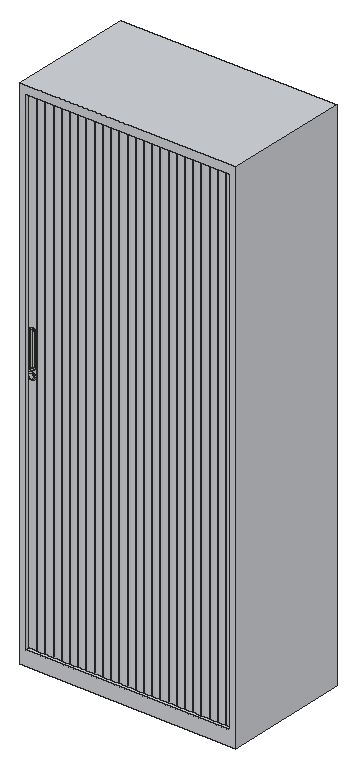
Revit family "BISLEY_SystemFile_Tambours_Single", category Furniture, Revit 2018
Family settings
  OmniClass Number = 23.40.20.00
  OmniClass Title = General Furniture and Specialties
  Work Plane-Based = No
  Always vertical = Yes
  Cut with Voids When Loaded = No
  Shared = No
  Room Calculation Point = No
Parameters (values of type "SYT08/6")
  plinth start height = -35 mm
  Width = 800 mm
  Warranty = "10 years"  # constant formula
  Uniclass2015Version = "V1.1"  # constant formula
  Uniclass2015Title = "Shelves and Storage Units"  # constant formula
  Uniclass 2015 Code = "PR_40_30_57"  # constant formula
  URL = "www.bisley.com"
  Training Requirements for Operational Use = "N/A"  # constant formula
  Tambour array = 24
  Routine Maintenance = "We recommend you clean your unit with warm water and a mild detergent solution. A damp cloth can be used to remove dust particles."  # constant formula
  Range = "SystemFile"  # constant formula
  Product Information = "Furniture"  # constant formula
  Plinth height = 55 mm
  Model Reference = "SYT08/6"
  Material = "Steel"  # constant formula
  Manufacturer = "Bisley"  # constant formula
  Lock bar height = Doors height + plinth start height  # 1808 mm
  Height = 1947 mm
  Finish = "Powder Coated"  # constant formula
  Doors height = Height - Plinth height - 13 mm - 30 mm - 3 mm - 3 mm  # 1843 mm
  Description = "Single Tambour"  # constant formula
  Depth = 470 mm
  Compliance Standards Certification = "BS EN 14073 2004 Part 2 & 3, BS EN 14074, BS 4875 1998 Part 7 level 4 & Part 8, BS 476 Part 7 1987 Class 2Y"  # constant formula
  Category = "Tambour Unit"  # constant formula
  Author = "Bisley"  # constant formula
  Accessibility Performance = ""
Types (9, lengths in mm): name | URL | Model Reference | Lock bar height | Height | Doors height
  (no name) | "www.bisley.com" | "SYT08/6" | 1808 | 1947 | 1843
  SYT08/2 | "www.bisley.com" | "SYT08/2" | 554 | 693 | 589
  SYT08/3 | "www.bisley.com" | "SYT08/3" | 858 | 997 | 893
  SYT08/34 | "www.bisley.com" | "SYT08/34" | 1010 | 1149 | 1045
  SYT08/4 | "www.bisley.com" | "SYT08/4" | 1162 | 1301 | 1197
  SYT08/43 | "www.bisley.com" | "SYT08/43" | 1276 | 1415 | 1311
  SYT08/50 | "www.bisley.com" | "SYT08/50" | 1504 | 1643 | 1539
  SYT08/54 | "www.bisely.com" | "SYT08/54" | 1656 | 1795 | 1691
  SYT08/6 | "www.bisley.com" | "SYT08/6" | 1808 | 1947 | 1843
Reference planes
  plane 1 "Center (Front/Back)": y = 0
  plane 2: z = 7
  plane 3 "Center (Left/Right)": x = 0
  plane 4: x = -400
  plane 5: x = 400
  plane 6: y = 235
  plane 7: y = -235
  plane 8: z = 1954
  plane 9: z = 20
  plane 10: z = 75
  plane 11: x = -380
  plane 12: x = 380
  plane 13: y = 230
  plane 14: x = 477
  plane 15: y = -215
  plane 16: z = 53
  plane 17: x = -477
  plane 18: x = 315
  plane 19: x = -315
  plane 20: y = -190
  plane 21: y = 190
  plane 22: z = 974
  plane 23: z = 987
  plane 24: z = 987
Forms (mm)
  Extrusion 1, solid
    sketch origin (0, 0, 7) x (1, 0, 0) y (0, 1, 0)
      loop
        line (-400, 235) -> (-400, -235) -> (400, -235) -> (400, 235) -> (-400, 235)
    from 13 to 1947
  Extrusion 2, void
    sketch origin (0, 0, 0) x (1, 0, 0) y (0, 0, 1)
      loop
        line (-380, 1924) -> (-380, 75) -> (380, 75) -> (380, 1924) -> (-380, 1924)
    from -230 to 235
  Extrusion 3, solid, not visible
    sketch origin (-14, 0, -11.486) x (0, 0, -1) y (0, -1, 0)
      loop
        line (-375, 215) -> (-73.486, 215) -> (-73.486, 235) -> (-323.022, 235) -> (-358, 216.402) -> (-373.358, 216.402) -> (-373.358, 233.251) -> (-358, 233.251) -> (-358, 235) -> (-375, 235) -> (-375, 215)
    from -391 to 363
  Extrusion 4, solid
    sketch origin (0, 0, 7) x (1, 0, 0) y (0, 1, 0)
      loop
        circle (315, 190) r 25
      loop
        circle (315, -190) r 25
      loop
        circle (-315, -190) r 25
      loop
        circle (-315, 190) r 25
    from 0 to 9
  Extrusion 5, solid
    sketch origin (0, 0, 7) x (1, 0, 0) y (0, 1, 0)
      loop
        circle (-315, 190) r 10
      loop
        circle (315, 190) r 10
      loop
        circle (315, -190) r 10
      loop
        circle (-315, -190) r 10
    from 9 to 13
  Extrusion 6, solid
    sketch origin (-114.611, -136.508, 113) x (1, 0, 0) y (0, 1, 0)
      loop
        line (-264.891, -77.42) -> (-264.891, -88.413)
        arc (-264.891, -88.413) -> (-247.106, -88.948) -> (-229.322, -88.413) r 295.901
        line (-229.322, -88.413) -> (-229.322, -77.42) -> (-264.891, -77.42)
    from -35 <- "plinth start height" to 1808 <- "Lock bar height"
  Extrusion 7, solid
    sketch origin (-6.723, -4.837, 78) x (1, 0, 0) y (0, 1, 0)
      loop
        line (-307.442, -220.343) -> (-306.502, -218.714) -> (-313.555, -214.133) -> (-334.916, -214.133) -> (-335.853, -217.63) -> (-337.087, -219.737)
        arc (-337.087, -219.737) -> (-337.103, -220.129) -> (-336.786, -220.36) r 0.417
        arc (-336.786, -220.36) -> (-322.113, -221.403) -> (-307.442, -220.343) r 102.932
    from 0 to 1843 <- "Doors height"
  Extrusion 8, solid
    sketch origin (23.779, -4.837, 78) x (1, 0, 0) y (0, 1, 0)
      loop
        line (-307.442, -220.343) -> (-306.502, -218.714) -> (-313.555, -214.133) -> (-334.916, -214.133) -> (-335.853, -217.63) -> (-337.087, -219.737)
        arc (-337.087, -219.737) -> (-337.103, -220.129) -> (-336.786, -220.36) r 0.417
        arc (-336.786, -220.36) -> (-322.113, -221.403) -> (-307.442, -220.343) r 102.932
    from 0 to 1843 <- "Doors height"
  Extrusion 9, solid
    sketch origin (54.28, -4.837, 78) x (1, 0, 0) y (0, 1, 0)
      loop
        line (-307.442, -220.343) -> (-306.502, -218.714) -> (-313.555, -214.133) -> (-334.916, -214.133) -> (-335.853, -217.63) -> (-337.087, -219.737)
        arc (-337.087, -219.737) -> (-337.103, -220.129) -> (-336.786, -220.36) r 0.417
        arc (-336.786, -220.36) -> (-322.113, -221.403) -> (-307.442, -220.343) r 102.932
    from 0 to 1843 <- "Doors height"
  Extrusion 10, solid
    sketch origin (84.782, -4.837, 78) x (1, 0, 0) y (0, 1, 0)
      loop
        line (-307.442, -220.343) -> (-306.502, -218.714) -> (-313.555, -214.133) -> (-334.916, -214.133) -> (-335.853, -217.63) -> (-337.087, -219.737)
        arc (-337.087, -219.737) -> (-337.103, -220.129) -> (-336.786, -220.36) r 0.417
        arc (-336.786, -220.36) -> (-322.113, -221.403) -> (-307.442, -220.343) r 102.932
    from 0 to 1843 <- "Doors height"
  Extrusion 11, solid
    sketch origin (115.284, -4.837, 78) x (1, 0, 0) y (0, 1, 0)
      loop
        line (-307.442, -220.343) -> (-306.502, -218.714) -> (-313.555, -214.133) -> (-334.916, -214.133) -> (-335.853, -217.63) -> (-337.087, -219.737)
        arc (-337.087, -219.737) -> (-337.103, -220.129) -> (-336.786, -220.36) r 0.417
        arc (-336.786, -220.36) -> (-322.113, -221.403) -> (-307.442, -220.343) r 102.932
    from 0 to 1843 <- "Doors height"
  Extrusion 12, solid
    sketch origin (145.786, -4.837, 78) x (1, 0, 0) y (0, 1, 0)
      loop
        line (-307.442, -220.343) -> (-306.502, -218.714) -> (-313.555, -214.133) -> (-334.916, -214.133) -> (-335.853, -217.63) -> (-337.087, -219.737)
        arc (-337.087, -219.737) -> (-337.103, -220.129) -> (-336.786, -220.36) r 0.417
        arc (-336.786, -220.36) -> (-322.113, -221.403) -> (-307.442, -220.343) r 102.932
    from 0 to 1843 <- "Doors height"
  Extrusion 13, solid
    sketch origin (176.287, -4.837, 78) x (1, 0, 0) y (0, 1, 0)
      loop
        line (-307.442, -220.343) -> (-306.502, -218.714) -> (-313.555, -214.133) -> (-334.916, -214.133) -> (-335.853, -217.63) -> (-337.087, -219.737)
        arc (-337.087, -219.737) -> (-337.103, -220.129) -> (-336.786, -220.36) r 0.417
        arc (-336.786, -220.36) -> (-322.113, -221.403) -> (-307.442, -220.343) r 102.932
    from 0 to 1843 <- "Doors height"
  Extrusion 14, solid
    sketch origin (206.789, -4.837, 78) x (1, 0, 0) y (0, 1, 0)
      loop
        line (-307.442, -220.343) -> (-306.502, -218.714) -> (-313.555, -214.133) -> (-334.916, -214.133) -> (-335.853, -217.63) -> (-337.087, -219.737)
        arc (-337.087, -219.737) -> (-337.103, -220.129) -> (-336.786, -220.36) r 0.417
        arc (-336.786, -220.36) -> (-322.113, -221.403) -> (-307.442, -220.343) r 102.932
    from 0 to 1843 <- "Doors height"
  Extrusion 15, solid
    sketch origin (237.291, -4.837, 78) x (1, 0, 0) y (0, 1, 0)
      loop
        line (-307.442, -220.343) -> (-306.502, -218.714) -> (-313.555, -214.133) -> (-334.916, -214.133) -> (-335.853, -217.63) -> (-337.087, -219.737)
        arc (-337.087, -219.737) -> (-337.103, -220.129) -> (-336.786, -220.36) r 0.417
        arc (-336.786, -220.36) -> (-322.113, -221.403) -> (-307.442, -220.343) r 102.932
    from 0 to 1843 <- "Doors height"
  Extrusion 16, solid
    sketch origin (267.792, -4.837, 78) x (1, 0, 0) y (0, 1, 0)
      loop
        line (-307.442, -220.343) -> (-306.502, -218.714) -> (-313.555, -214.133) -> (-334.916, -214.133) -> (-335.853, -217.63) -> (-337.087, -219.737)
        arc (-337.087, -219.737) -> (-337.103, -220.129) -> (-336.786, -220.36) r 0.417
        arc (-336.786, -220.36) -> (-322.113, -221.403) -> (-307.442, -220.343) r 102.932
    from 0 to 1843 <- "Doors height"
  Extrusion 17, solid
    sketch origin (298.294, -4.837, 78) x (1, 0, 0) y (0, 1, 0)
      loop
        line (-307.442, -220.343) -> (-306.502, -218.714) -> (-313.555, -214.133) -> (-334.916, -214.133) -> (-335.853, -217.63) -> (-337.087, -219.737)
        arc (-337.087, -219.737) -> (-337.103, -220.129) -> (-336.786, -220.36) r 0.417
        arc (-336.786, -220.36) -> (-322.113, -221.403) -> (-307.442, -220.343) r 102.932
    from 0 to 1843 <- "Doors height"
  Extrusion 18, solid
    sketch origin (328.796, -4.837, 78) x (1, 0, 0) y (0, 1, 0)
      loop
        line (-307.442, -220.343) -> (-306.502, -218.714) -> (-313.555, -214.133) -> (-334.916, -214.133) -> (-335.853, -217.63) -> (-337.087, -219.737)
        arc (-337.087, -219.737) -> (-337.103, -220.129) -> (-336.786, -220.36) r 0.417
        arc (-336.786, -220.36) -> (-322.113, -221.403) -> (-307.442, -220.343) r 102.932
    from 0 to 1843 <- "Doors height"
  Extrusion 19, solid
    sketch origin (359.297, -4.837, 78) x (1, 0, 0) y (0, 1, 0)
      loop
        line (-307.442, -220.343) -> (-306.502, -218.714) -> (-313.555, -214.133) -> (-334.916, -214.133) -> (-335.853, -217.63) -> (-337.087, -219.737)
        arc (-337.087, -219.737) -> (-337.103, -220.129) -> (-336.786, -220.36) r 0.417
        arc (-336.786, -220.36) -> (-322.113, -221.403) -> (-307.442, -220.343) r 102.932
    from 0 to 1843 <- "Doors height"
  Extrusion 20, solid
    sketch origin (389.799, -4.837, 78) x (1, 0, 0) y (0, 1, 0)
      loop
        line (-307.442, -220.343) -> (-306.502, -218.714) -> (-313.555, -214.133) -> (-334.916, -214.133) -> (-335.853, -217.63) -> (-337.087, -219.737)
        arc (-337.087, -219.737) -> (-337.103, -220.129) -> (-336.786, -220.36) r 0.417
        arc (-336.786, -220.36) -> (-322.113, -221.403) -> (-307.442, -220.343) r 102.932
    from 0 to 1843 <- "Doors height"
  Extrusion 21, solid
    sketch origin (420.301, -4.837, 78) x (1, 0, 0) y (0, 1, 0)
      loop
        line (-307.442, -220.343) -> (-306.502, -218.714) -> (-313.555, -214.133) -> (-334.916, -214.133) -> (-335.853, -217.63) -> (-337.087, -219.737)
        arc (-337.087, -219.737) -> (-337.103, -220.129) -> (-336.786, -220.36) r 0.417
        arc (-336.786, -220.36) -> (-322.113, -221.403) -> (-307.442, -220.343) r 102.932
    from 0 to 1843 <- "Doors height"
  Extrusion 22, solid
    sketch origin (450.803, -4.837, 78) x (1, 0, 0) y (0, 1, 0)
      loop
        line (-307.442, -220.343) -> (-306.502, -218.714) -> (-313.555, -214.133) -> (-334.916, -214.133) -> (-335.853, -217.63) -> (-337.087, -219.737)
        arc (-337.087, -219.737) -> (-337.103, -220.129) -> (-336.786, -220.36) r 0.417
        arc (-336.786, -220.36) -> (-322.113, -221.403) -> (-307.442, -220.343) r 102.932
    from 0 to 1843 <- "Doors height"
  Extrusion 23, solid
    sketch origin (481.304, -4.837, 78) x (1, 0, 0) y (0, 1, 0)
      loop
        line (-307.442, -220.343) -> (-306.502, -218.714) -> (-313.555, -214.133) -> (-334.916, -214.133) -> (-335.853, -217.63) -> (-337.087, -219.737)
        arc (-337.087, -219.737) -> (-337.103, -220.129) -> (-336.786, -220.36) r 0.417
        arc (-336.786, -220.36) -> (-322.113, -221.403) -> (-307.442, -220.343) r 102.932
    from 0 to 1843 <- "Doors height"
  Extrusion 24, solid
    sketch origin (511.806, -4.837, 78) x (1, 0, 0) y (0, 1, 0)
      loop
        line (-307.442, -220.343) -> (-306.502, -218.714) -> (-313.555, -214.133) -> (-334.916, -214.133) -> (-335.853, -217.63) -> (-337.087, -219.737)
        arc (-337.087, -219.737) -> (-337.103, -220.129) -> (-336.786, -220.36) r 0.417
        arc (-336.786, -220.36) -> (-322.113, -221.403) -> (-307.442, -220.343) r 102.932
    from 0 to 1843 <- "Doors height"
  Extrusion 25, solid
    sketch origin (542.308, -4.837, 78) x (1, 0, 0) y (0, 1, 0)
      loop
        line (-307.442, -220.343) -> (-306.502, -218.714) -> (-313.555, -214.133) -> (-334.916, -214.133) -> (-335.853, -217.63) -> (-337.087, -219.737)
        arc (-337.087, -219.737) -> (-337.103, -220.129) -> (-336.786, -220.36) r 0.417
        arc (-336.786, -220.36) -> (-322.113, -221.403) -> (-307.442, -220.343) r 102.932
    from 0 to 1843 <- "Doors height"
  Extrusion 26, solid
    sketch origin (572.809, -4.837, 78) x (1, 0, 0) y (0, 1, 0)
      loop
        line (-307.442, -220.343) -> (-306.502, -218.714) -> (-313.555, -214.133) -> (-334.916, -214.133) -> (-335.853, -217.63) -> (-337.087, -219.737)
        arc (-337.087, -219.737) -> (-337.103, -220.129) -> (-336.786, -220.36) r 0.417
        arc (-336.786, -220.36) -> (-322.113, -221.403) -> (-307.442, -220.343) r 102.932
    from 0 to 1843 <- "Doors height"
  Extrusion 27, solid
    sketch origin (603.311, -4.837, 78) x (1, 0, 0) y (0, 1, 0)
      loop
        line (-307.442, -220.343) -> (-306.502, -218.714) -> (-313.555, -214.133) -> (-334.916, -214.133) -> (-335.853, -217.63) -> (-337.087, -219.737)
        arc (-337.087, -219.737) -> (-337.103, -220.129) -> (-336.786, -220.36) r 0.417
        arc (-336.786, -220.36) -> (-322.113, -221.403) -> (-307.442, -220.343) r 102.932
    from 0 to 1843 <- "Doors height"
  Extrusion 28, solid
    sketch origin (633.813, -4.837, 78) x (1, 0, 0) y (0, 1, 0)
      loop
        line (-307.442, -220.343) -> (-306.502, -218.714) -> (-313.555, -214.133) -> (-334.916, -214.133) -> (-335.853, -217.63) -> (-337.087, -219.737)
        arc (-337.087, -219.737) -> (-337.103, -220.129) -> (-336.786, -220.36) r 0.417
        arc (-336.786, -220.36) -> (-322.113, -221.403) -> (-307.442, -220.343) r 102.932
    from 0 to 1843 <- "Doors height"
  Extrusion 29, solid
    sketch origin (664.315, -4.837, 78) x (1, 0, 0) y (0, 1, 0)
      loop
        line (-307.442, -220.343) -> (-306.502, -218.714) -> (-313.555, -214.133) -> (-334.916, -214.133) -> (-335.853, -217.63) -> (-337.087, -219.737)
        arc (-337.087, -219.737) -> (-337.103, -220.129) -> (-336.786, -220.36) r 0.417
        arc (-336.786, -220.36) -> (-322.113, -221.403) -> (-307.442, -220.343) r 102.932
    from 0 to 1843 <- "Doors height"
  Extrusion 30, solid
    sketch origin (694.816, -4.837, 78) x (1, 0, 0) y (0, 1, 0)
      loop
        line (-307.442, -220.343) -> (-306.502, -218.714) -> (-313.555, -214.133) -> (-334.916, -214.133) -> (-335.853, -217.63) -> (-337.087, -219.737)
        arc (-337.087, -219.737) -> (-337.103, -220.129) -> (-336.786, -220.36) r 0.417
        arc (-336.786, -220.36) -> (-322.113, -221.403) -> (-307.442, -220.343) r 102.932
    from 0 to 1843 <- "Doors height"
  Extrusion 31, solid
    sketch origin (-4.436, -214.76, 0) x (1, 0, 0) y (0, 0, 1)
      loop
        circle (-357.536, 987) r 12.707
    from 0 to 12.484
  Extrusion 32, solid
    sketch origin (-3.912, -214.76, -0.001) x (1, 0, 0) y (0, 0, 1)
      loop
        circle (-357.889, 987) r 8.648
    from 0 to 14.49
  Extrusion 33, void
    sketch origin (0, 0, 0) x (1, 0, 0) y (0, 0, 1)
      loop
        arc (-370.815, 1011.987) -> (-357.082, 1011.766) -> (-350.815, 1023.987) r 13
        line (-350.815, 1023.987) -> (-350.815, 1128.987)
        arc (-350.815, 1128.987) -> (-357.082, 1141.209) -> (-370.815, 1140.987) r 13
        line (-370.815, 1140.987) -> (-370.815, 1011.987)
    from 217.254 to 225.895
  Extrusion 34, solid
    sketch origin (0, 0, 0) x (1, 0, 0) y (0, 0, 1)
      loop
        line (-370.815, 1140.987) -> (-370.815, 1011.987)
        arc (-370.815, 1011.987) -> (-357.082, 1011.766) -> (-350.816, 1023.987) r 12.999
        line (-350.816, 1023.987) -> (-350.816, 1128.987)
        arc (-350.816, 1128.987) -> (-357.082, 1141.209) -> (-370.815, 1140.987) r 12.999
      loop
        line (-374.315, 1142.752) -> (-374.315, 1010.222)
        arc (-374.315, 1010.222) -> (-356.217, 1008.243) -> (-347.316, 1024.124) r 16.499
        line (-347.316, 1024.124) -> (-347.316, 1128.851)
        arc (-347.316, 1128.851) -> (-356.217, 1144.731) -> (-374.315, 1142.752) r 16.499
    from 224.585 to 226.585
Cuts and joins
  Extrusion 2 cuts Extrusion 1
  Extrusion 33 cuts Extrusion 6
Dimensions and locks
  equal spacing: plane 4, plane 3 "Center (Left/Right)", plane 5
  "Width": plane 4 to plane 5
  "Depth": plane 6 to plane 7
  plane 9 to level = 13 mm
  "Plinth height": plane 10 to plane 9
  locked: plane 11 to plane 4 at 20
  locked: plane 5 to plane 12 at 20
  "Height": plane 8 to level
  locked: plane 13 to plane 6 at 5
  plane 3 "Center (Left/Right)" to plane 14 = 477 mm
  locked: plane 15 to cut or joined group of Extrusion 1, Extrusion 2 at 20
  cut or joined group of Extrusion 1, Extrusion 2 to plane 19 = 85 mm
  plane 18 to cut or joined group of Extrusion 1, Extrusion 2 = 85 mm
  plane 20 to plane 7 = 45 mm
  plane 6 to plane 21 = 45 mm
  equal spacing: plane 14, plane 3 "Center (Left/Right)", plane 17
  plane 17 to cut or joined group of Extrusion 1, Extrusion 2 = 97 mm
  level to cut or joined group of Extrusion 1, Extrusion 2 = 13 mm
  locked: cut or joined group of Extrusion 1, Extrusion 2 to cut or joined group of Extrusion 1, Extrusion 2 at 30
  equal spacing: plane 8, plane 23, plane 9
  equal spacing: group 2, group 3, group 4, group 5, group 6, group 7, group 8, group 9, group 10, group 11, group 12, group 13, group 14, group 15, group 16, group 17, group 18, group 19, group 20, group 21, group 22, group 23, group 24, group 25  (x2)
  equal spacing: group 25, group 24, group 23, group 22, group 21, group 20, group 19, group 18, group 17, group 16, group 15, group 14, group 13, group 12, group 11, group 10, group 9, group 8, group 7, group 6, group 5, group 4, group 3, group 2
  equal spacing: plane 8, plane 24, plane 9
  locked: Extrusion 7 to cut or joined group of Extrusion 1, Extrusion 2 at 3
  locked: Extrusion 9 to cut or joined group of Extrusion 1, Extrusion 2 at 3
  locked: plane 7 to plane 1 "Center (Front/Back)" at 235
  aligned and locked: level to plane 2
  aligned and locked: Extrusion 1 sketch curve to plane 6
  aligned and locked: plane 4 to Extrusion 1 sketch curve
  aligned and locked: plane 7 to Extrusion 1 sketch curve
  aligned and locked: Extrusion 1 sketch curve to plane 5
  aligned and locked: Extrusion 1 to plane 9
  aligned and locked: plane 8 to Extrusion 1
  aligned and locked: plane 11 to Extrusion 2 sketch curve
  aligned and locked: Extrusion 2 sketch curve to plane 10
  aligned and locked: Extrusion 2 sketch curve to plane 12
  aligned and locked: Extrusion 2 to plane 7
  aligned and locked: Extrusion 2 to plane 13
Automatic sketch dimensions
  Extrusion 3 sketch curve to Extrusion 3 sketch curve = 1.642 mm
  Extrusion 3 sketch curve to Extrusion 3 sketch curve = 15.358 mm  (x2)
  Extrusion 3 sketch curve to Extrusion 3 sketch curve = 34.978 mm
  Extrusion 3 sketch curve to Extrusion 3 sketch curve = 249.536 mm
  Extrusion 3 sketch curve to Extrusion 3 sketch curve = 1.402 mm
  Extrusion 3 sketch curve to Extrusion 3 sketch curve = 16.849 mm
  Extrusion 3 sketch curve to Extrusion 3 sketch curve = 1.749 mm
  Extrusion 3 sketch curve to Extrusion 3 sketch curve = 0 mm
  Extrusion 4 sketch curve to plane 19 = 0 mm  (x2)
  Extrusion 4 sketch curve to plane 18 = 0 mm  (x2)
  Extrusion 4 sketch curve to plane 20 = 0 mm  (x2)
  Extrusion 4 sketch curve to plane 21 = 0 mm  (x2)
  Extrusion 5 sketch curve to plane 19 = 0 mm  (x2)
  Extrusion 5 sketch curve to plane 18 = 0 mm  (x2)
  Extrusion 5 sketch curve to plane 20 = 0 mm  (x2)
  Extrusion 5 sketch curve to plane 21 = 0 mm  (x2)
  Extrusion 2 sketch curve to plane 8 = 30 mm
  Extrusion 7 sketch curve to Extrusion 7 sketch curve = 0.36 mm
  Extrusion 7 sketch curve to Extrusion 7 sketch curve = 1.234 mm
  Extrusion 7 sketch curve to Extrusion 7 sketch curve = 0.937 mm
  Extrusion 7 sketch curve to Extrusion 7 sketch curve = 0.94 mm
  Extrusion 7 sketch curve to Extrusion 7 sketch curve = 0.211 mm
  Extrusion 7 sketch curve to Extrusion 7 sketch curve = 6.209 mm
  Extrusion 7 sketch curve to Extrusion 7 sketch curve = 1.629 mm
  Extrusion 7 sketch curve to Extrusion 7 sketch curve = 12.741 mm
  Extrusion 7 sketch curve to Extrusion 7 sketch curve = 21.361 mm
  Extrusion 7 sketch curve to Extrusion 7 sketch curve = 6.113 mm
  Extrusion 7 sketch curve to Extrusion 7 sketch curve = 5.814 mm
  Extrusion 7 sketch curve to Extrusion 7 sketch curve = 2.107 mm
  Extrusion 7 sketch curve to Extrusion 7 sketch curve = 95.662 mm
  Extrusion 8 sketch curve to Extrusion 8 sketch curve = 0.36 mm
  Extrusion 8 sketch curve to Extrusion 8 sketch curve = 1.234 mm
  Extrusion 8 sketch curve to Extrusion 8 sketch curve = 0.937 mm
  Extrusion 8 sketch curve to Extrusion 8 sketch curve = 0.94 mm
  Extrusion 8 sketch curve to Extrusion 8 sketch curve = 0.211 mm
  Extrusion 8 sketch curve to Extrusion 8 sketch curve = 6.209 mm
  Extrusion 8 sketch curve to Extrusion 8 sketch curve = 1.629 mm
  Extrusion 8 sketch curve to Extrusion 8 sketch curve = 12.741 mm
  Extrusion 8 sketch curve to Extrusion 8 sketch curve = 21.361 mm
  Extrusion 8 sketch curve to Extrusion 8 sketch curve = 6.113 mm
  Extrusion 8 sketch curve to Extrusion 8 sketch curve = 5.814 mm
  Extrusion 8 sketch curve to Extrusion 8 sketch curve = 2.107 mm
  Extrusion 8 sketch curve to Extrusion 8 sketch curve = 95.662 mm
  Extrusion 9 sketch curve to Extrusion 9 sketch curve = 0.36 mm
  Extrusion 9 sketch curve to Extrusion 9 sketch curve = 1.234 mm
  Extrusion 9 sketch curve to Extrusion 9 sketch curve = 0.937 mm
  Extrusion 9 sketch curve to Extrusion 9 sketch curve = 0.94 mm
  Extrusion 9 sketch curve to Extrusion 9 sketch curve = 0.211 mm
  Extrusion 9 sketch curve to Extrusion 9 sketch curve = 6.209 mm
  Extrusion 9 sketch curve to Extrusion 9 sketch curve = 1.629 mm
  Extrusion 9 sketch curve to Extrusion 9 sketch curve = 12.741 mm
  Extrusion 9 sketch curve to Extrusion 9 sketch curve = 21.361 mm
  Extrusion 9 sketch curve to Extrusion 9 sketch curve = 6.113 mm
  Extrusion 9 sketch curve to Extrusion 9 sketch curve = 5.814 mm
  Extrusion 9 sketch curve to Extrusion 9 sketch curve = 2.107 mm
  Extrusion 9 sketch curve to Extrusion 9 sketch curve = 95.662 mm
  Extrusion 10 sketch curve to Extrusion 10 sketch curve = 0.36 mm
  Extrusion 10 sketch curve to Extrusion 10 sketch curve = 1.234 mm
  Extrusion 10 sketch curve to Extrusion 10 sketch curve = 0.937 mm
  Extrusion 10 sketch curve to Extrusion 10 sketch curve = 0.94 mm
  Extrusion 10 sketch curve to Extrusion 10 sketch curve = 0.211 mm
  Extrusion 10 sketch curve to Extrusion 10 sketch curve = 6.209 mm
  Extrusion 10 sketch curve to Extrusion 10 sketch curve = 1.629 mm
  Extrusion 10 sketch curve to Extrusion 10 sketch curve = 12.741 mm
  Extrusion 10 sketch curve to Extrusion 10 sketch curve = 21.361 mm
  Extrusion 10 sketch curve to Extrusion 10 sketch curve = 6.113 mm
  Extrusion 10 sketch curve to Extrusion 10 sketch curve = 5.814 mm
  Extrusion 10 sketch curve to Extrusion 10 sketch curve = 2.107 mm
  Extrusion 10 sketch curve to Extrusion 10 sketch curve = 95.662 mm
  Extrusion 11 sketch curve to Extrusion 11 sketch curve = 0.36 mm
  Extrusion 11 sketch curve to Extrusion 11 sketch curve = 1.234 mm
  Extrusion 11 sketch curve to Extrusion 11 sketch curve = 0.937 mm
  Extrusion 11 sketch curve to Extrusion 11 sketch curve = 0.94 mm
  Extrusion 11 sketch curve to Extrusion 11 sketch curve = 0.211 mm
  Extrusion 11 sketch curve to Extrusion 11 sketch curve = 6.209 mm
  Extrusion 11 sketch curve to Extrusion 11 sketch curve = 1.629 mm
  Extrusion 11 sketch curve to Extrusion 11 sketch curve = 12.741 mm
  Extrusion 11 sketch curve to Extrusion 11 sketch curve = 21.361 mm
  Extrusion 11 sketch curve to Extrusion 11 sketch curve = 6.113 mm
  Extrusion 11 sketch curve to Extrusion 11 sketch curve = 5.814 mm
  Extrusion 11 sketch curve to Extrusion 11 sketch curve = 2.107 mm
  Extrusion 11 sketch curve to Extrusion 11 sketch curve = 95.662 mm
  Extrusion 12 sketch curve to Extrusion 12 sketch curve = 0.36 mm
  Extrusion 12 sketch curve to Extrusion 12 sketch curve = 1.234 mm
  Extrusion 12 sketch curve to Extrusion 12 sketch curve = 0.937 mm
  Extrusion 12 sketch curve to Extrusion 12 sketch curve = 0.94 mm
  Extrusion 12 sketch curve to Extrusion 12 sketch curve = 0.211 mm
  Extrusion 12 sketch curve to Extrusion 12 sketch curve = 6.209 mm
  Extrusion 12 sketch curve to Extrusion 12 sketch curve = 1.629 mm
  Extrusion 12 sketch curve to Extrusion 12 sketch curve = 12.741 mm
  Extrusion 12 sketch curve to Extrusion 12 sketch curve = 21.361 mm
  Extrusion 12 sketch curve to Extrusion 12 sketch curve = 6.113 mm
  Extrusion 12 sketch curve to Extrusion 12 sketch curve = 5.814 mm
  Extrusion 12 sketch curve to Extrusion 12 sketch curve = 2.107 mm
  Extrusion 12 sketch curve to Extrusion 12 sketch curve = 95.662 mm
  Extrusion 13 sketch curve to Extrusion 13 sketch curve = 0.36 mm
  Extrusion 13 sketch curve to Extrusion 13 sketch curve = 1.234 mm
  Extrusion 13 sketch curve to Extrusion 13 sketch curve = 0.937 mm
  Extrusion 13 sketch curve to Extrusion 13 sketch curve = 0.94 mm
  Extrusion 13 sketch curve to Extrusion 13 sketch curve = 0.211 mm
  Extrusion 13 sketch curve to Extrusion 13 sketch curve = 6.209 mm
  Extrusion 13 sketch curve to Extrusion 13 sketch curve = 1.629 mm
  Extrusion 13 sketch curve to Extrusion 13 sketch curve = 12.741 mm
  Extrusion 13 sketch curve to Extrusion 13 sketch curve = 21.361 mm
  Extrusion 13 sketch curve to Extrusion 13 sketch curve = 6.113 mm
  Extrusion 13 sketch curve to Extrusion 13 sketch curve = 5.814 mm
  Extrusion 13 sketch curve to Extrusion 13 sketch curve = 2.107 mm
  Extrusion 13 sketch curve to Extrusion 13 sketch curve = 95.662 mm
  Extrusion 14 sketch curve to Extrusion 14 sketch curve = 0.36 mm
  Extrusion 14 sketch curve to Extrusion 14 sketch curve = 1.234 mm
  Extrusion 14 sketch curve to Extrusion 14 sketch curve = 0.937 mm
  Extrusion 14 sketch curve to Extrusion 14 sketch curve = 0.94 mm
  Extrusion 14 sketch curve to Extrusion 14 sketch curve = 0.211 mm
  Extrusion 14 sketch curve to Extrusion 14 sketch curve = 6.209 mm
  Extrusion 14 sketch curve to Extrusion 14 sketch curve = 1.629 mm
  Extrusion 14 sketch curve to Extrusion 14 sketch curve = 12.741 mm
  Extrusion 14 sketch curve to Extrusion 14 sketch curve = 21.361 mm
  Extrusion 14 sketch curve to Extrusion 14 sketch curve = 6.113 mm
  Extrusion 14 sketch curve to Extrusion 14 sketch curve = 5.814 mm
  Extrusion 14 sketch curve to Extrusion 14 sketch curve = 2.107 mm
  Extrusion 14 sketch curve to Extrusion 14 sketch curve = 95.662 mm
  Extrusion 15 sketch curve to Extrusion 15 sketch curve = 0.36 mm
  Extrusion 15 sketch curve to Extrusion 15 sketch curve = 1.234 mm
  Extrusion 15 sketch curve to Extrusion 15 sketch curve = 0.937 mm
  Extrusion 15 sketch curve to Extrusion 15 sketch curve = 0.94 mm
  Extrusion 15 sketch curve to Extrusion 15 sketch curve = 0.211 mm
  Extrusion 15 sketch curve to Extrusion 15 sketch curve = 6.209 mm
  Extrusion 15 sketch curve to Extrusion 15 sketch curve = 1.629 mm
  Extrusion 15 sketch curve to Extrusion 15 sketch curve = 12.741 mm
  Extrusion 15 sketch curve to Extrusion 15 sketch curve = 21.361 mm
  Extrusion 15 sketch curve to Extrusion 15 sketch curve = 6.113 mm
  Extrusion 15 sketch curve to Extrusion 15 sketch curve = 5.814 mm
  Extrusion 15 sketch curve to Extrusion 15 sketch curve = 2.107 mm
  Extrusion 15 sketch curve to Extrusion 15 sketch curve = 95.662 mm
  Extrusion 16 sketch curve to Extrusion 16 sketch curve = 0.36 mm
  Extrusion 16 sketch curve to Extrusion 16 sketch curve = 1.234 mm
  Extrusion 16 sketch curve to Extrusion 16 sketch curve = 0.937 mm
  Extrusion 16 sketch curve to Extrusion 16 sketch curve = 0.94 mm
  Extrusion 16 sketch curve to Extrusion 16 sketch curve = 0.211 mm
  Extrusion 16 sketch curve to Extrusion 16 sketch curve = 6.209 mm
  Extrusion 16 sketch curve to Extrusion 16 sketch curve = 1.629 mm
  Extrusion 16 sketch curve to Extrusion 16 sketch curve = 12.741 mm
  Extrusion 16 sketch curve to Extrusion 16 sketch curve = 21.361 mm
  Extrusion 16 sketch curve to Extrusion 16 sketch curve = 6.113 mm
  Extrusion 16 sketch curve to Extrusion 16 sketch curve = 5.814 mm
  Extrusion 16 sketch curve to Extrusion 16 sketch curve = 2.107 mm
  Extrusion 16 sketch curve to Extrusion 16 sketch curve = 95.662 mm
  Extrusion 17 sketch curve to Extrusion 17 sketch curve = 0.36 mm
  Extrusion 17 sketch curve to Extrusion 17 sketch curve = 1.234 mm
  Extrusion 17 sketch curve to Extrusion 17 sketch curve = 0.937 mm
  Extrusion 17 sketch curve to Extrusion 17 sketch curve = 0.94 mm
  Extrusion 17 sketch curve to Extrusion 17 sketch curve = 0.211 mm
  Extrusion 17 sketch curve to Extrusion 17 sketch curve = 6.209 mm
  Extrusion 17 sketch curve to Extrusion 17 sketch curve = 1.629 mm
  Extrusion 17 sketch curve to Extrusion 17 sketch curve = 12.741 mm
  Extrusion 17 sketch curve to Extrusion 17 sketch curve = 21.361 mm
  Extrusion 17 sketch curve to Extrusion 17 sketch curve = 6.113 mm
  Extrusion 17 sketch curve to Extrusion 17 sketch curve = 5.814 mm
  Extrusion 17 sketch curve to Extrusion 17 sketch curve = 2.107 mm
  Extrusion 17 sketch curve to Extrusion 17 sketch curve = 95.662 mm
  Extrusion 18 sketch curve to Extrusion 18 sketch curve = 0.36 mm
  Extrusion 18 sketch curve to Extrusion 18 sketch curve = 1.234 mm
  Extrusion 18 sketch curve to Extrusion 18 sketch curve = 0.937 mm
  Extrusion 18 sketch curve to Extrusion 18 sketch curve = 0.94 mm
  Extrusion 18 sketch curve to Extrusion 18 sketch curve = 0.211 mm
  Extrusion 18 sketch curve to Extrusion 18 sketch curve = 6.209 mm
  Extrusion 18 sketch curve to Extrusion 18 sketch curve = 1.629 mm
  Extrusion 18 sketch curve to Extrusion 18 sketch curve = 12.741 mm
  Extrusion 18 sketch curve to Extrusion 18 sketch curve = 21.361 mm
  Extrusion 18 sketch curve to Extrusion 18 sketch curve = 6.113 mm
  Extrusion 18 sketch curve to Extrusion 18 sketch curve = 5.814 mm
  Extrusion 18 sketch curve to Extrusion 18 sketch curve = 2.107 mm
  Extrusion 18 sketch curve to Extrusion 18 sketch curve = 95.662 mm
  Extrusion 19 sketch curve to Extrusion 19 sketch curve = 0.36 mm
  Extrusion 19 sketch curve to Extrusion 19 sketch curve = 1.234 mm
  Extrusion 19 sketch curve to Extrusion 19 sketch curve = 0.937 mm
  Extrusion 19 sketch curve to Extrusion 19 sketch curve = 0.94 mm
  Extrusion 19 sketch curve to Extrusion 19 sketch curve = 0.211 mm
  Extrusion 19 sketch curve to Extrusion 19 sketch curve = 6.209 mm
  Extrusion 19 sketch curve to Extrusion 19 sketch curve = 1.629 mm
  Extrusion 19 sketch curve to Extrusion 19 sketch curve = 12.741 mm
  Extrusion 19 sketch curve to Extrusion 19 sketch curve = 21.361 mm
  Extrusion 19 sketch curve to Extrusion 19 sketch curve = 6.113 mm
  Extrusion 19 sketch curve to Extrusion 19 sketch curve = 5.814 mm
  Extrusion 19 sketch curve to Extrusion 19 sketch curve = 2.107 mm
  Extrusion 19 sketch curve to Extrusion 19 sketch curve = 95.662 mm
  Extrusion 20 sketch curve to Extrusion 20 sketch curve = 0.36 mm
  Extrusion 20 sketch curve to Extrusion 20 sketch curve = 1.234 mm
  Extrusion 20 sketch curve to Extrusion 20 sketch curve = 0.937 mm
  Extrusion 20 sketch curve to Extrusion 20 sketch curve = 0.94 mm
  Extrusion 20 sketch curve to Extrusion 20 sketch curve = 0.211 mm
  Extrusion 20 sketch curve to Extrusion 20 sketch curve = 6.209 mm
  Extrusion 20 sketch curve to Extrusion 20 sketch curve = 1.629 mm
  Extrusion 20 sketch curve to Extrusion 20 sketch curve = 12.741 mm
  Extrusion 20 sketch curve to Extrusion 20 sketch curve = 21.361 mm
  Extrusion 20 sketch curve to Extrusion 20 sketch curve = 6.113 mm
  Extrusion 20 sketch curve to Extrusion 20 sketch curve = 5.814 mm
  Extrusion 20 sketch curve to Extrusion 20 sketch curve = 2.107 mm
  Extrusion 20 sketch curve to Extrusion 20 sketch curve = 95.662 mm
  Extrusion 21 sketch curve to Extrusion 21 sketch curve = 0.36 mm
  Extrusion 21 sketch curve to Extrusion 21 sketch curve = 1.234 mm
  Extrusion 21 sketch curve to Extrusion 21 sketch curve = 0.937 mm
  Extrusion 21 sketch curve to Extrusion 21 sketch curve = 0.94 mm
  Extrusion 21 sketch curve to Extrusion 21 sketch curve = 0.211 mm
  Extrusion 21 sketch curve to Extrusion 21 sketch curve = 6.209 mm
  Extrusion 21 sketch curve to Extrusion 21 sketch curve = 1.629 mm
  Extrusion 21 sketch curve to Extrusion 21 sketch curve = 12.741 mm
  Extrusion 21 sketch curve to Extrusion 21 sketch curve = 21.361 mm
  Extrusion 21 sketch curve to Extrusion 21 sketch curve = 6.113 mm
  Extrusion 21 sketch curve to Extrusion 21 sketch curve = 5.814 mm
  Extrusion 21 sketch curve to Extrusion 21 sketch curve = 2.107 mm
  Extrusion 21 sketch curve to Extrusion 21 sketch curve = 95.662 mm
  Extrusion 22 sketch curve to Extrusion 22 sketch curve = 0.36 mm
  Extrusion 22 sketch curve to Extrusion 22 sketch curve = 1.234 mm
  Extrusion 22 sketch curve to Extrusion 22 sketch curve = 0.937 mm
  Extrusion 22 sketch curve to Extrusion 22 sketch curve = 0.94 mm
  Extrusion 22 sketch curve to Extrusion 22 sketch curve = 0.211 mm
  Extrusion 22 sketch curve to Extrusion 22 sketch curve = 6.209 mm
  Extrusion 22 sketch curve to Extrusion 22 sketch curve = 1.629 mm
  Extrusion 22 sketch curve to Extrusion 22 sketch curve = 12.741 mm
  Extrusion 22 sketch curve to Extrusion 22 sketch curve = 21.361 mm
  Extrusion 22 sketch curve to Extrusion 22 sketch curve = 6.113 mm
  Extrusion 22 sketch curve to Extrusion 22 sketch curve = 5.814 mm
  Extrusion 22 sketch curve to Extrusion 22 sketch curve = 2.107 mm
  Extrusion 22 sketch curve to Extrusion 22 sketch curve = 95.662 mm
  Extrusion 23 sketch curve to Extrusion 23 sketch curve = 0.36 mm
  Extrusion 23 sketch curve to Extrusion 23 sketch curve = 1.234 mm
  Extrusion 23 sketch curve to Extrusion 23 sketch curve = 0.937 mm
  Extrusion 23 sketch curve to Extrusion 23 sketch curve = 0.94 mm
  Extrusion 23 sketch curve to Extrusion 23 sketch curve = 0.211 mm
  Extrusion 23 sketch curve to Extrusion 23 sketch curve = 6.209 mm
  Extrusion 23 sketch curve to Extrusion 23 sketch curve = 1.629 mm
  Extrusion 23 sketch curve to Extrusion 23 sketch curve = 12.741 mm
  Extrusion 23 sketch curve to Extrusion 23 sketch curve = 21.361 mm
  Extrusion 23 sketch curve to Extrusion 23 sketch curve = 6.113 mm
  Extrusion 23 sketch curve to Extrusion 23 sketch curve = 5.814 mm
  Extrusion 23 sketch curve to Extrusion 23 sketch curve = 2.107 mm
  Extrusion 23 sketch curve to Extrusion 23 sketch curve = 95.662 mm
  Extrusion 24 sketch curve to Extrusion 24 sketch curve = 0.36 mm
  Extrusion 24 sketch curve to Extrusion 24 sketch curve = 1.234 mm
  Extrusion 24 sketch curve to Extrusion 24 sketch curve = 0.937 mm
  Extrusion 24 sketch curve to Extrusion 24 sketch curve = 0.94 mm
  Extrusion 24 sketch curve to Extrusion 24 sketch curve = 0.211 mm
  Extrusion 24 sketch curve to Extrusion 24 sketch curve = 6.209 mm
  Extrusion 24 sketch curve to Extrusion 24 sketch curve = 1.629 mm
  Extrusion 24 sketch curve to Extrusion 24 sketch curve = 12.741 mm
  Extrusion 24 sketch curve to Extrusion 24 sketch curve = 21.361 mm
  Extrusion 24 sketch curve to Extrusion 24 sketch curve = 6.113 mm
  Extrusion 24 sketch curve to Extrusion 24 sketch curve = 5.814 mm
  Extrusion 24 sketch curve to Extrusion 24 sketch curve = 2.107 mm
  Extrusion 24 sketch curve to Extrusion 24 sketch curve = 95.662 mm
  Extrusion 25 sketch curve to Extrusion 25 sketch curve = 0.36 mm
  Extrusion 25 sketch curve to Extrusion 25 sketch curve = 1.234 mm
  Extrusion 25 sketch curve to Extrusion 25 sketch curve = 0.937 mm
  Extrusion 25 sketch curve to Extrusion 25 sketch curve = 0.94 mm
  Extrusion 25 sketch curve to Extrusion 25 sketch curve = 0.211 mm
  Extrusion 25 sketch curve to Extrusion 25 sketch curve = 6.209 mm
  Extrusion 25 sketch curve to Extrusion 25 sketch curve = 1.629 mm
  Extrusion 25 sketch curve to Extrusion 25 sketch curve = 12.741 mm
  Extrusion 25 sketch curve to Extrusion 25 sketch curve = 21.361 mm
  Extrusion 25 sketch curve to Extrusion 25 sketch curve = 6.113 mm
  Extrusion 25 sketch curve to Extrusion 25 sketch curve = 5.814 mm
  Extrusion 25 sketch curve to Extrusion 25 sketch curve = 2.107 mm
  Extrusion 25 sketch curve to Extrusion 25 sketch curve = 95.662 mm
  Extrusion 26 sketch curve to Extrusion 26 sketch curve = 0.36 mm
  Extrusion 26 sketch curve to Extrusion 26 sketch curve = 1.234 mm
  Extrusion 26 sketch curve to Extrusion 26 sketch curve = 0.937 mm
  Extrusion 26 sketch curve to Extrusion 26 sketch curve = 0.94 mm
  Extrusion 26 sketch curve to Extrusion 26 sketch curve = 0.211 mm
  Extrusion 26 sketch curve to Extrusion 26 sketch curve = 6.209 mm
  Extrusion 26 sketch curve to Extrusion 26 sketch curve = 1.629 mm
  Extrusion 26 sketch curve to Extrusion 26 sketch curve = 12.741 mm
  Extrusion 26 sketch curve to Extrusion 26 sketch curve = 21.361 mm
  Extrusion 26 sketch curve to Extrusion 26 sketch curve = 6.113 mm
  Extrusion 26 sketch curve to Extrusion 26 sketch curve = 5.814 mm
  Extrusion 26 sketch curve to Extrusion 26 sketch curve = 2.107 mm
  Extrusion 26 sketch curve to Extrusion 26 sketch curve = 95.662 mm
  Extrusion 27 sketch curve to Extrusion 27 sketch curve = 0.36 mm
  Extrusion 27 sketch curve to Extrusion 27 sketch curve = 1.234 mm
  Extrusion 27 sketch curve to Extrusion 27 sketch curve = 0.937 mm
  Extrusion 27 sketch curve to Extrusion 27 sketch curve = 0.94 mm
  Extrusion 27 sketch curve to Extrusion 27 sketch curve = 0.211 mm
  Extrusion 27 sketch curve to Extrusion 27 sketch curve = 6.209 mm
  Extrusion 27 sketch curve to Extrusion 27 sketch curve = 1.629 mm
  Extrusion 27 sketch curve to Extrusion 27 sketch curve = 12.741 mm
  Extrusion 27 sketch curve to Extrusion 27 sketch curve = 21.361 mm
  Extrusion 27 sketch curve to Extrusion 27 sketch curve = 6.113 mm
  Extrusion 27 sketch curve to Extrusion 27 sketch curve = 5.814 mm
  Extrusion 27 sketch curve to Extrusion 27 sketch curve = 2.107 mm
  Extrusion 27 sketch curve to Extrusion 27 sketch curve = 95.662 mm
  Extrusion 28 sketch curve to Extrusion 28 sketch curve = 0.36 mm
  Extrusion 28 sketch curve to Extrusion 28 sketch curve = 1.234 mm
  Extrusion 28 sketch curve to Extrusion 28 sketch curve = 0.937 mm
  Extrusion 28 sketch curve to Extrusion 28 sketch curve = 0.94 mm
  Extrusion 28 sketch curve to Extrusion 28 sketch curve = 0.211 mm
  Extrusion 28 sketch curve to Extrusion 28 sketch curve = 6.209 mm
  Extrusion 28 sketch curve to Extrusion 28 sketch curve = 1.629 mm
  Extrusion 28 sketch curve to Extrusion 28 sketch curve = 12.741 mm
  Extrusion 28 sketch curve to Extrusion 28 sketch curve = 21.361 mm
  Extrusion 28 sketch curve to Extrusion 28 sketch curve = 6.113 mm
  Extrusion 28 sketch curve to Extrusion 28 sketch curve = 5.814 mm
  Extrusion 28 sketch curve to Extrusion 28 sketch curve = 2.107 mm
  Extrusion 28 sketch curve to Extrusion 28 sketch curve = 95.662 mm
  Extrusion 29 sketch curve to Extrusion 29 sketch curve = 0.36 mm
  Extrusion 29 sketch curve to Extrusion 29 sketch curve = 1.234 mm
  Extrusion 29 sketch curve to Extrusion 29 sketch curve = 0.937 mm
  Extrusion 29 sketch curve to Extrusion 29 sketch curve = 0.94 mm
  Extrusion 29 sketch curve to Extrusion 29 sketch curve = 0.211 mm
  Extrusion 29 sketch curve to Extrusion 29 sketch curve = 6.209 mm
  Extrusion 29 sketch curve to Extrusion 29 sketch curve = 1.629 mm
  Extrusion 29 sketch curve to Extrusion 29 sketch curve = 12.741 mm
  Extrusion 29 sketch curve to Extrusion 29 sketch curve = 21.361 mm
  Extrusion 29 sketch curve to Extrusion 29 sketch curve = 6.113 mm
  Extrusion 29 sketch curve to Extrusion 29 sketch curve = 5.814 mm
  Extrusion 29 sketch curve to Extrusion 29 sketch curve = 2.107 mm
  Extrusion 29 sketch curve to Extrusion 29 sketch curve = 95.662 mm
  Extrusion 30 sketch curve to Extrusion 30 sketch curve = 0.36 mm
  Extrusion 30 sketch curve to Extrusion 30 sketch curve = 1.234 mm
  Extrusion 30 sketch curve to Extrusion 30 sketch curve = 0.937 mm
  Extrusion 30 sketch curve to Extrusion 30 sketch curve = 0.94 mm
  Extrusion 30 sketch curve to Extrusion 30 sketch curve = 0.211 mm
  Extrusion 30 sketch curve to Extrusion 30 sketch curve = 6.209 mm
  Extrusion 30 sketch curve to Extrusion 30 sketch curve = 1.629 mm
  Extrusion 30 sketch curve to Extrusion 30 sketch curve = 12.741 mm
  Extrusion 30 sketch curve to Extrusion 30 sketch curve = 21.361 mm
  Extrusion 30 sketch curve to Extrusion 30 sketch curve = 6.113 mm
  Extrusion 30 sketch curve to Extrusion 30 sketch curve = 5.814 mm
  Extrusion 30 sketch curve to Extrusion 30 sketch curve = 2.107 mm
  Extrusion 30 sketch curve to Extrusion 30 sketch curve = 95.662 mm
  Extrusion 31 sketch curve to plane 23 = 0 mm
  plane 11 to Extrusion 31 sketch curve = 18.028 mm
  Extrusion 32 sketch curve to plane 23 = 0.001 mm
  plane 11 to Extrusion 32 sketch curve = 18.199 mm
  plane 15 to Extrusion 6 sketch curve = 1.071 mm
  plane 11 to Extrusion 6 sketch curve = 0.498 mm
  plane 11 to Extrusion 6 sketch curve = 18.282 mm
  Extrusion 6 sketch curve to plane 1 "Center (Front/Back)" = 70.445 mm
  Extrusion 6 sketch curve to plane 15 = 9.921 mm
  Extrusion 6 sketch curve to plane 19 = 28.933 mm
  plane 11 to Extrusion 33 sketch curve = 9.185 mm
  Extrusion 33 sketch curve to Extrusion 33 sketch curve = 7.044 mm  (x2)
  plane 23 to Extrusion 33 sketch curve = 24.987 mm
  Extrusion 33 sketch curve to Extrusion 33 sketch curve = 10.926 mm
  Extrusion 33 sketch curve to Extrusion 33 sketch curve = 1.074 mm  (x2)
  Extrusion 33 sketch curve to Extrusion 33 sketch curve = 105 mm
  plane 11 to Extrusion 34 sketch curve = 9.185 mm
  Extrusion 34 sketch curve to Extrusion 34 sketch curve = 7.044 mm  (x2)
  plane 23 to Extrusion 34 sketch curve = 35.912 mm
  Extrusion 34 sketch curve to Extrusion 34 sketch curve = 106.075 mm
  Extrusion 34 sketch curve to Extrusion 34 sketch curve = 1.075 mm
  Extrusion 34 sketch curve to Extrusion 34 sketch curve = 1.765 mm  (x2)
  Extrusion 34 sketch curve to Extrusion 34 sketch curve = 0 mm  (x4)
  Extrusion 34 sketch curve to Extrusion 34 sketch curve = 3.5 mm  (x2)
  Extrusion 34 sketch curve to Extrusion 34 sketch curve = 0.136 mm  (x2)
  radius of Extrusion 4 sketch curve = 25 mm  (x4)
  radius of Extrusion 5 sketch curve = 10 mm  (x4)
  radius of Extrusion 31 sketch curve = 12.707 mm
  radius of Extrusion 32 sketch curve = 8.648 mm
